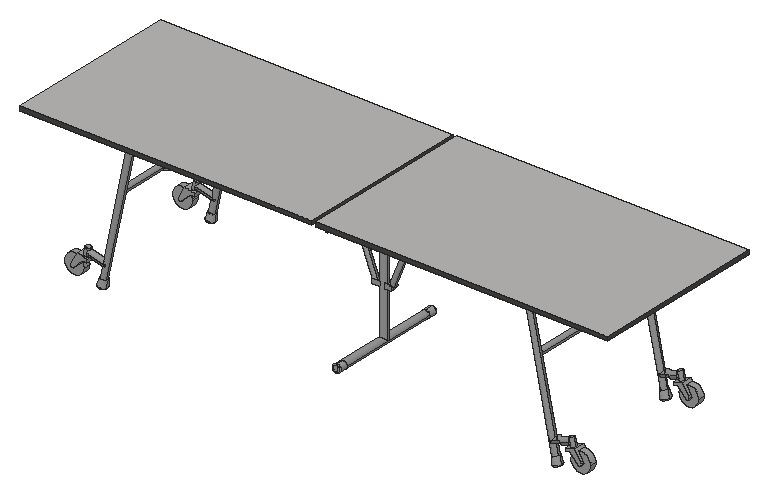
Revit family "23M Rect. 10 Long x 30 High WC", category Furniture, Revit 2016 (continued)
Automatic sketch dimensions
  level to Revolve 60 sketch curve = 0' - 0.24814"  (x2)
  Revolve 60 sketch curve to Revolve 60 sketch curve = 0' - 0.69699"
  Revolve 60 sketch curve to Revolve 60 sketch curve = 0' - 0"  (x2)
  level to Revolve 60 sketch curve = 0' - 1.8841"
  plane 1 "Center Front/Back" to Extrusion 61 sketch curve = 1' - 1.83838"
  plane 1 "Center Front/Back" to Extrusion 62 sketch curve = 1' - 1.83838"
  plane 1 "Center Front/Back" to Extrusion 63 sketch curve = 1' - 1.83838"
  level to Extrusion 64 sketch curve = 0' - 2.60323"
  plane 3 "Center Left/Right" to Extrusion 64 sketch curve = 4' - 4.13109"
  level to Extrusion 64 sketch curve = 0' - 3.19045"
  Extrusion 64 sketch curve to Extrusion 64 sketch curve = 0' - 0.0982"
  level to Extrusion 64 sketch curve = 0' - 2.37748"
  Extrusion 64 sketch curve to Extrusion 64 sketch curve = 0' - 0.1639"
  Extrusion 64 sketch curve to Extrusion 64 sketch curve = 0' - 0.19297"
  level to Extrusion 64 sketch curve = 0' - 2.3319"
  Extrusion 64 sketch curve to Extrusion 64 sketch curve = 0' - 0.30329"
  level to Extrusion 64 sketch curve = 0' - 5.18826"
  Extrusion 64 sketch curve to Extrusion 64 sketch curve = 0' - 1.14473"
  level to Extrusion 64 sketch curve = 0' - 4.11073"
  Extrusion 64 sketch curve to Extrusion 64 sketch curve = 0' - 1.13066"
  level to Extrusion 64 sketch curve = 0' - 4.04579"
  Extrusion 64 sketch curve to Extrusion 64 sketch curve = 0' - 0.72713"
  level to Extrusion 64 sketch curve = 0' - 4.64752"
  level to Extrusion 65 sketch curve = 0' - 2.82768"
  plane 3 "Center Left/Right" to Extrusion 65 sketch curve = 4' - 3.73769"
  level to Revolve 66 sketch curve = 0' - 0.62113"
  plane 3 "Center Left/Right" to Revolve 66 sketch curve = 3' - 11.37475"
  level to Revolve 66 sketch curve = 0' - 0.41139"
  Revolve 66 sketch curve to Revolve 66 sketch curve = 0' - 0.08686"
  Revolve 66 sketch curve to Revolve 66 sketch curve = 0' - 0.15789"
  level to Revolve 66 sketch curve = 0' - 2.03067"
  Revolve 66 sketch curve to Revolve 66 sketch curve = 0' - 0.51303"
  level to Revolve 66 sketch curve = 0' - 0.24814"  (x2)
  Revolve 66 sketch curve to Revolve 66 sketch curve = 0' - 0.69699"
  Revolve 66 sketch curve to Revolve 66 sketch curve = 0' - 0"  (x2)
  level to Revolve 66 sketch curve = 0' - 1.8841"
  level to Extrusion 67 sketch curve = 1' - 7.27492"
  plane 3 "Center Left/Right" to Extrusion 67 sketch curve = 3' - 6.48052"
  plane 1 "Center Front/Back" to Extrusion 68 sketch curve = 0' - 0"
  level to Extrusion 69 sketch curve = 1' - 7.85089"
  plane 3 "Center Left/Right" to Extrusion 69 sketch curve = 3' - 6.23788"
  level to Extrusion 69 sketch curve = 1' - 6.88364"
  Extrusion 69 sketch curve to Extrusion 69 sketch curve = 0' - 0.25918"
  Extrusion 69 sketch curve to Extrusion 69 sketch curve = 0' - 1.85497"
  Extrusion 69 sketch curve to Extrusion 69 sketch curve = 0' - 0.15456"  (x2)
  level to Extrusion 69 sketch curve = 1' - 7.50281"
  Extrusion 69 sketch curve to Extrusion 69 sketch curve = 0' - 0.47551"
  plane 3 "Center Left/Right" to Sweep 70 sketch curve = 2' - 6.42494"
  Sweep 70 sketch curve to Sweep 70 sketch curve = 0' - 0.75675"
  Sweep 70 sketch curve to Sweep 70 sketch curve = 0' - 1.1442"
  level to Sweep 70 sketch curve = 1' - 9.24985"
  Sweep 70 sketch curve to Sweep 70 sketch curve = 0' - 2.77323"
  level to Sweep 70 sketch curve = 1' - 7.81432"
  Sweep 70 sketch curve to Sweep 70 sketch curve = 0' - 10.2009"
  plane 3 "Center Left/Right" to Sweep 70 sketch curve = 0' - 1.24287"
  level to Sweep 70 sketch curve = 2' - 3.92684"
  Sweep 70 sketch curve to profile plane = 0' - 0"
  Sweep 70 sketch curve to profile plane = 0' - 0.00202"
  Extrusion 72 sketch curve to plane 1 "Center Front/Back" = 1' - 2.4397"
  Extrusion 72 sketch curve to Extrusion 72 sketch curve = 0' - 0"  (x4)
  Extrusion 72 sketch curve to plane 1 "Center Front/Back" = 0' - 2.8156"
  Extrusion 72 sketch curve to Extrusion 72 sketch curve = 2' - 10 3/4"
  plane 1 "Center Front/Back" to Extrusion 72 sketch curve = 0' - 2.6994"
  Extrusion 72 sketch curve to Extrusion 72 sketch curve = 0' - 10 1/4"  (x2)
  Extrusion 72 sketch curve to Extrusion 72 sketch curve = 0' - 0 1/8"  (x4)
  Extrusion 72 sketch curve to Extrusion 72 sketch curve = 0' - 11.7403"
  plane 3 "Center Left/Right" to Extrusion 73 sketch curve = 0' - 0.69518"
  level to Extrusion 73 sketch curve = 5' - 6.87009"
  Extrusion 73 sketch curve to Extrusion 73 sketch curve = 0' - 0.53109"
  Extrusion 73 sketch curve to Extrusion 73 sketch curve = 0' - 1.2141"
  Extrusion 73 sketch curve to Extrusion 73 sketch curve = 0' - 1.37051"
  Extrusion 73 sketch curve to Extrusion 73 sketch curve = 0' - 0 5/16"  (x2)
  Extrusion 73 sketch curve to Extrusion 73 sketch curve = 0' - 0 1/4"
  Extrusion 73 sketch curve to Extrusion 73 sketch curve = 0' - 0.54127"
  Extrusion 73 sketch curve to Extrusion 73 sketch curve = 0' - 1.04904"
  Extrusion 73 sketch curve to Extrusion 73 sketch curve = 0' - 0.70096"
  plane 3 "Center Left/Right" to Extrusion 74 sketch curve = 0' - 0.69518"
  level to Extrusion 74 sketch curve = 5' - 6.87009"
  Extrusion 74 sketch curve to Extrusion 74 sketch curve = 0' - 0.53109"
  Extrusion 74 sketch curve to Extrusion 74 sketch curve = 0' - 1.2141"
  Extrusion 74 sketch curve to Extrusion 74 sketch curve = 0' - 1.37051"
  Extrusion 74 sketch curve to Extrusion 74 sketch curve = 0' - 0 5/16"  (x2)
  Extrusion 74 sketch curve to Extrusion 74 sketch curve = 0' - 0 1/4"
  Extrusion 74 sketch curve to Extrusion 74 sketch curve = 0' - 0.54127"
  Extrusion 74 sketch curve to Extrusion 74 sketch curve = 0' - 1.04904"
  Extrusion 74 sketch curve to Extrusion 74 sketch curve = 0' - 0.70096"
  plane 1 "Center Front/Back" to Extrusion 75 sketch curve = 0' - 0"
  Extrusion 76 sketch curve to plane 1 "Center Front/Back" = 1' - 1.83838"
  Extrusion 77 sketch curve to plane 1 "Center Front/Back" = 1' - 1.83838"
  Extrusion 78 sketch curve to plane 1 "Center Front/Back" = 1' - 1.83838"
  level to Extrusion 79 sketch curve = 0' - 1.72077"
  plane 3 "Center Left/Right" to Extrusion 79 sketch curve = 1' - 3.04231"
  Extrusion 79 sketch curve to Extrusion 79 sketch curve = 0' - 0.0982"
  Extrusion 79 sketch curve to Extrusion 79 sketch curve = 0' - 0.1639"
  Extrusion 79 sketch curve to Extrusion 79 sketch curve = 0' - 0.19297"
  Extrusion 79 sketch curve to Extrusion 79 sketch curve = 0' - 0.30329"
  Extrusion 79 sketch curve to Extrusion 79 sketch curve = 0' - 1.14473"
  Extrusion 79 sketch curve to Extrusion 79 sketch curve = 0' - 1.13066"
  Extrusion 79 sketch curve to Extrusion 79 sketch curve = 0' - 0.72713"
  Extrusion 79 sketch curve to Extrusion 79 sketch curve = 0' - 0.16116"
  Extrusion 79 sketch curve to Extrusion 79 sketch curve = 0' - 0.03227"
  Extrusion 79 sketch curve to Extrusion 79 sketch curve = 0' - 0.04557"
  Extrusion 79 sketch curve to Extrusion 79 sketch curve = 0' - 0.58722"
  Extrusion 79 sketch curve to Extrusion 79 sketch curve = 0' - 0.85534"
  Extrusion 79 sketch curve to Extrusion 79 sketch curve = 0' - 0.06493"
  Extrusion 79 sketch curve to Extrusion 79 sketch curve = 0' - 0.60173"
  level to Extrusion 80 sketch curve = 0' - 2.04084"
  plane 3 "Center Left/Right" to Extrusion 80 sketch curve = 1' - 2.72185"
  level to Revolve 81 sketch curve = 0' - 1.06035"
  plane 3 "Center Left/Right" to Revolve 81 sketch curve = 0' - 9.932"
  Revolve 81 sketch curve to Revolve 81 sketch curve = 0' - 0.08686"
  Revolve 81 sketch curve to Revolve 81 sketch curve = 0' - 0.07104"
  Revolve 81 sketch curve to Revolve 81 sketch curve = 0' - 0.51303"
  Revolve 81 sketch curve to Revolve 81 sketch curve = 0' - 0.69699"
  Revolve 81 sketch curve to Revolve 81 sketch curve = 0' - 0.68958"
  Revolve 81 sketch curve to Revolve 81 sketch curve = 0' - 0.05747"
  Revolve 81 sketch curve to Revolve 81 sketch curve = 0' - 0.31552"
  Revolve 81 sketch curve to Revolve 81 sketch curve = 0' - 0"  (x4)
  plane 1 "Center Front/Back" to Extrusion 82 sketch curve = 1' - 1.83838"
  plane 1 "Center Front/Back" to Extrusion 83 sketch curve = 1' - 1.83838"
  plane 1 "Center Front/Back" to Extrusion 84 sketch curve = 1' - 1.83838"
  level to Extrusion 85 sketch curve = 0' - 1.72077"
  plane 3 "Center Left/Right" to Extrusion 85 sketch curve = 1' - 3.04231"
  Extrusion 85 sketch curve to Extrusion 85 sketch curve = 0' - 0.0982"
  Extrusion 85 sketch curve to Extrusion 85 sketch curve = 0' - 0.1639"
  Extrusion 85 sketch curve to Extrusion 85 sketch curve = 0' - 0.19297"
  Extrusion 85 sketch curve to Extrusion 85 sketch curve = 0' - 0.30329"
  Extrusion 85 sketch curve to Extrusion 85 sketch curve = 0' - 1.14473"
  Extrusion 85 sketch curve to Extrusion 85 sketch curve = 0' - 1.13066"
  Extrusion 85 sketch curve to Extrusion 85 sketch curve = 0' - 0.72713"
  Extrusion 85 sketch curve to Extrusion 85 sketch curve = 0' - 0.16116"
  Extrusion 85 sketch curve to Extrusion 85 sketch curve = 0' - 0.58722"
  Extrusion 85 sketch curve to Extrusion 85 sketch curve = 0' - 0.85534"
  Extrusion 85 sketch curve to Extrusion 85 sketch curve = 0' - 0.06493"
  Extrusion 85 sketch curve to Extrusion 85 sketch curve = 0' - 0.60173"
  Extrusion 85 sketch curve to Extrusion 85 sketch curve = 0' - 0.03227"
  Extrusion 85 sketch curve to Extrusion 85 sketch curve = 0' - 0.04557"
  level to Extrusion 86 sketch curve = 0' - 2.04084"
  plane 3 "Center Left/Right" to Extrusion 86 sketch curve = 1' - 2.72185"
  level to Revolve 87 sketch curve = 0' - 1.06035"
  plane 3 "Center Left/Right" to Revolve 87 sketch curve = 0' - 9.932"
  Revolve 87 sketch curve to Revolve 87 sketch curve = 0' - 0.08686"
  Revolve 87 sketch curve to Revolve 87 sketch curve = 0' - 0.15789"
  Revolve 87 sketch curve to Revolve 87 sketch curve = 0' - 0.51303"
  Revolve 87 sketch curve to Revolve 87 sketch curve = 0' - 0.69699"
  Revolve 87 sketch curve to Revolve 87 sketch curve = 0' - 0.68958"
  Revolve 87 sketch curve to Revolve 87 sketch curve = 0' - 1.26296"
  Revolve 87 sketch curve to Revolve 87 sketch curve = 0' - 0.14658"
  Revolve 87 sketch curve to Revolve 87 sketch curve = 0' - 0"  (x4)
  plane 3 "Center Left/Right" to Extrusion 88 sketch curve = 0' - 10.1197"
  level to Extrusion 88 sketch curve = 1' - 8.34459"
  plane 3 "Center Left/Right" to Extrusion 89 sketch curve = 0' - 10.0372"
  level to Extrusion 89 sketch curve = 1' - 8.96412"
  Extrusion 89 sketch curve to Extrusion 89 sketch curve = 0' - 0.25918"
  Extrusion 89 sketch curve to Extrusion 89 sketch curve = 0' - 1.85497"
  Extrusion 89 sketch curve to Extrusion 89 sketch curve = 0' - 0.15456"  (x2)
  Extrusion 89 sketch curve to Extrusion 89 sketch curve = 0' - 0.34808"
  Extrusion 89 sketch curve to Extrusion 89 sketch curve = 0' - 0.96726"
  Extrusion 89 sketch curve to Extrusion 89 sketch curve = 0' - 0.47551"
  Extrusion 1 sketch curve to plane 3 "Center Left/Right" = 5' - 0"
  Extrusion 1 sketch curve to plane 3 "Center Left/Right" = 0' - 0 3/8"
  Extrusion 27 sketch curve to Extrusion 27 sketch curve = 4' - 11 5/8"
  plane 3 "Center Left/Right" to Extrusion 51 sketch curve = 5' - 0"
  plane 3 "Center Left/Right" to Extrusion 51 sketch curve = 0' - 0 3/8"
  Extrusion 71 sketch curve to Extrusion 71 sketch curve = 4' - 11 5/8"
  radius of Extrusion 5 sketch curve = 0' - 0 5/8"
  radius of Extrusion 6 sketch curve = 0' - 0 1/2"
  radius of Extrusion 7 sketch curve = 0' - 0 5/8"
  radius of Extrusion 9 sketch curve = 0' - 2"
  radius of Extrusion 11 sketch curve = 0' - 0 5/8"
  radius of Extrusion 12 sketch curve = 0' - 0 1/2"
  radius of Extrusion 13 sketch curve = 0' - 0 5/8"
  radius of Extrusion 15 sketch curve = 0' - 2"
  radius of Extrusion 17 sketch curve = 0' - 0 5/8"
  radius of Extrusion 18 sketch curve = 0' - 0 3/4"
  radius of Extrusion 21 sketch curve = 0' - 0 3/4"
  radius of Extrusion 22 sketch curve = 0' - 0 1/2"
  radius of Sweep 25 sketch curve = 0' - 0 1/2"
  radius of Extrusion 26 sketch curve = 0' - 0 3/4"
  radius of Extrusion 31 sketch curve = 0' - 0 3/4"
  radius of Extrusion 34 sketch curve = 0' - 0 1/2"
  radius of Extrusion 36 sketch curve = 0' - 0 3/4"
  radius of Extrusion 37 sketch curve = 0' - 0 5/8"
  radius of Extrusion 38 sketch curve = 0' - 0 1/2"
  radius of Extrusion 39 sketch curve = 0' - 0 5/8"
  radius of Extrusion 41 sketch curve = 0' - 2"
  radius of Extrusion 43 sketch curve = 0' - 0 5/8"
  radius of Extrusion 44 sketch curve = 0' - 0 1/2"
  radius of Extrusion 45 sketch curve = 0' - 0 5/8"
  radius of Extrusion 47 sketch curve = 0' - 2"
  radius of Extrusion 49 sketch curve = 0' - 0 5/8"
  radius of Extrusion 55 sketch curve = 0' - 0 5/8"
  radius of Extrusion 56 sketch curve = 0' - 0 1/2"
  radius of Extrusion 57 sketch curve = 0' - 0 5/8"
  radius of Extrusion 59 sketch curve = 0' - 2"
  radius of Extrusion 61 sketch curve = 0' - 0 5/8"
  radius of Extrusion 62 sketch curve = 0' - 0 1/2"
  radius of Extrusion 63 sketch curve = 0' - 0 5/8"
  radius of Extrusion 65 sketch curve = 0' - 2"
  radius of Extrusion 67 sketch curve = 0' - 0 5/8"
  radius of Extrusion 68 sketch curve = 0' - 0 1/2"
  radius of Sweep 70 sketch curve = 0' - 0 1/2"
  radius of Extrusion 75 sketch curve = 0' - 0 1/2"
  radius of Extrusion 76 sketch curve = 0' - 0 5/8"
  radius of Extrusion 77 sketch curve = 0' - 0 1/2"
  radius of Extrusion 78 sketch curve = 0' - 0 5/8"
  radius of Extrusion 80 sketch curve = 0' - 2"
  radius of Extrusion 82 sketch curve = 0' - 0 5/8"
  radius of Extrusion 83 sketch curve = 0' - 0 1/2"
  radius of Extrusion 84 sketch curve = 0' - 0 5/8"
  radius of Extrusion 86 sketch curve = 0' - 2"
  radius of Extrusion 88 sketch curve = 0' - 0 5/8"
Types (3): name | Width | Model
  (no name) | 3' - 0" | "23M15303610"
  23M15303010 | 2' - 6" | "23M15303010"
  23M15303610 | 3' - 0" | "23M15303610"
